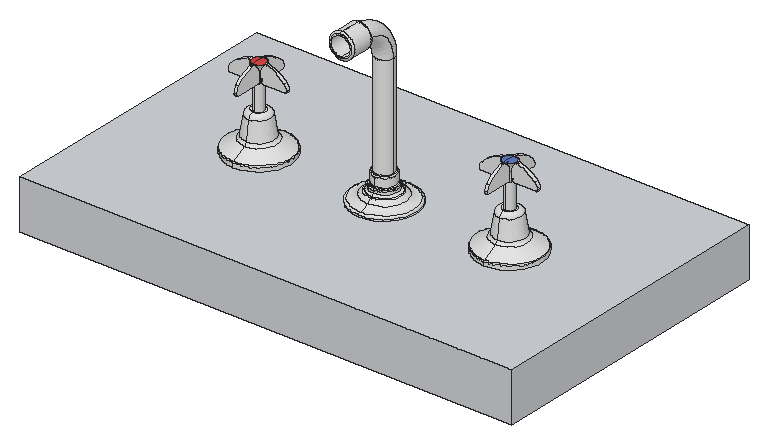
Revit family
Parameters (values of type "49944 (Jumper Valve)")
  WELSRating_ANZRS = "5 star"
  URL = "www.galvinengineering.com.au"
  Type Comments = "Vendal Resistant"
  StyleOrType_ANZRS = "Plumbing Fixture"
  Seating = "Jumper Valve (Option of 1/2 Turn Ceramic Disc)"
  PlumbingMaterial_ANZRS = Metal_Taps_DR-Brass-with-Chrome-Finish_10800
  Outlet = "Fixed Wall Spout 165mm with Aerator"
  ModifiedIssue_ANZRS = 20120629.01  # constant formula
  Model = "49944"
  Manufacturer = "Galvin Engineering"
  Keynote = "15400"
  Instructions = "http://www.galvinengineering.com.au/Installation_Guides_1.aspx"
  Inlet = "15mm BSP"
  FlowRate = 0.10 L/s
  FilterObject_ANZRS = "Vendal Resistant"
  DimWidth = 255 mm  # constant formula
  DimInletRadius = 7.5 mm  # constant formula
  DimHeight = 55 mm  # constant formula
  DimDepth = 165 mm  # constant formula
  Description = "Vandal Resistant DPW Wall Sink Set - Jumper Valve, Fixed Sout"
  Default Elevation = 900 mm
  CreatedBy_ANZRS = "Galvin Engineering"  # constant formula
  CreatedByURL_ANZRS = "www.galvinengineering.com.au"
  CreatedByPhoneNo_ANZRS = "61-8-92495900"  # constant formula
  Assembly Code = "D2010"
Reference planes
  plane 1 "Top": y = 0
  plane 2 "Face": z = 0
  plane 3 "Center (Left/Right)": x = 0
  plane 4 "Left": x = -127.5
  plane 5 "Right": x = 127.5
  plane 6 "Front": z = 165
  plane 7 "Bottom": y = -55
  plane 8: z = 82.559
Forms (mm)
  Extrusion 1, solid
    sketch origin (0, -719.2, 0) x (1, 0, 0) y (0, 1, 0)
      loop
        line (-250, 869.2) -> (-250, 569.2) -> (250, 569.2) -> (250, 869.2) -> (-250, 869.2)
    from 0 to -50
  Revolve 2, solid, material "Metal_Taps_DR-Brass-with-Chrome-Finish_10800" <- "PlumbingMaterial_ANZRS"
    sketch origin (-127.5, 0, 0) x (0, 1, 0) y (0, 0, 1)
      loop
        line (0, 82.559) -> (-7.407, 82.559)
        arc (-7.407, 82.559) -> (-3.989, 78.83) -> (-2.75, 73.925) r 10.333
        line (-2.75, 73.925) -> (-2.75, 64.159) -> (-4.827, 64.159) -> (-4.827, 39) -> (-7.33, 39)
        arc (-7.33, 39) -> (-10.552, 37.823) -> (-12.258, 34.846) r 5
        line (-12.258, 34.846) -> (-15.443, 16.298)
        arc (-15.443, 16.298) -> (-16.285, 14.262) -> (-17.92, 12.786) r 5
        line (-17.92, 12.786) -> (-31.99, 4.872)
        arc (-31.99, 4.872) -> (-32.363, 4.505) -> (-32.5, 4) r 1
        line (-32.5, 4) -> (-32.5, 0) -> (0, 0) -> (0, 82.559)
      axis (0, 0) -> (0, 82.559)
    angle from 0 to 360
  Extrusion 3, solid, material "Metal_Taps_DR-Brass-with-Chrome-Finish_10800" <- "PlumbingMaterial_ANZRS"
    sketch origin (-127.5, 0, 8.123) x (0, 1, 0) y (0, 0, 1)
      loop
        line (-27.98, 56.036) -> (28.02, 56.036)
        arc (28.02, 56.036) -> (29.11, 56.505) -> (29.518, 57.62) r 1.5
        arc (29.518, 57.62) -> (28.88, 61.161) -> (26.905, 64.169) r 9
        arc (26.905, 64.169) -> (19.204, 70.219) -> (10.263, 74.216) r 40
        arc (10.263, 74.216) -> (9.538, 74.381) -> (8.796, 74.436) r 5
        line (8.796, 74.436) -> (-8.62, 74.436)
        arc (-8.62, 74.436) -> (-9.363, 74.38) -> (-10.09, 74.215) r 5
        arc (-10.09, 74.215) -> (-19.14, 70.144) -> (-26.909, 63.971) r 40
        arc (-26.909, 63.971) -> (-28.831, 61.029) -> (-29.479, 57.576) r 9
        arc (-29.479, 57.576) -> (-29.054, 56.49) -> (-27.98, 56.036) r 1.5
    from -1.5 to 1.5
  Revolve 4, solid, material "Plastic_Taps_Red_10800"
    sketch origin (-127.5, 0, 8.123) x (0, 1, 0) y (0, 0, 1)
      loop
        line (0, 74.436) -> (0, 75.522)
        spline (0, 75.522) -> (-0.816, 75.513) -> (-1.618, 75.485) -> (-2.392, 75.44) -> (-3.125, 75.377) -> (-3.805, 75.298) -> (-4.419, 75.204) -> (-4.958, 75.097) -> (-5.413, 74.979) -> (-5.774, 74.852) -> (-6.037, 74.717) -> (-6.197, 74.578) -> (-6.25, 74.436)
        line (-6.25, 74.436) -> (0, 74.436)
      axis (0, 74.436) -> (0, 75.522)
    angle from 0 to 360
  Extrusion 5, solid, material "Metal_Taps_DR-Brass-with-Chrome-Finish_10800" <- "PlumbingMaterial_ANZRS"
    sketch origin (0, 0, 8.123) x (1, 0, 0) y (0, 0, 1)
      loop
        arc (-99.501, 56.036) -> (-98.426, 56.49) -> (-98.001, 57.576) r 1.5
        arc (-98.001, 57.576) -> (-98.65, 61.029) -> (-100.571, 63.971) r 9
        arc (-100.571, 63.971) -> (-108.341, 70.144) -> (-117.391, 74.215) r 40
        arc (-117.391, 74.215) -> (-118.117, 74.38) -> (-118.86, 74.436) r 5
        line (-118.86, 74.436) -> (-136.277, 74.436)
        arc (-136.277, 74.436) -> (-137.018, 74.381) -> (-137.743, 74.216) r 5
        arc (-137.743, 74.216) -> (-146.684, 70.219) -> (-154.385, 64.169) r 40
        arc (-154.385, 64.169) -> (-156.36, 61.161) -> (-156.999, 57.62) r 9
        arc (-156.999, 57.62) -> (-156.591, 56.505) -> (-155.501, 56.036) r 1.5
        line (-155.501, 56.036) -> (-99.501, 56.036)
    from -1.5 to 1.5
  Revolve 6, solid, material "Metal_Taps_DR-Brass-with-Chrome-Finish_10800" <- "PlumbingMaterial_ANZRS"
    sketch origin (0, 0, 0) x (0, 1, 0) y (0, 0, 1)
      loop
        line (0, 29) -> (-9.5, 29)
        arc (-9.5, 29) -> (-9.793, 28.293) -> (-10.5, 28) r 1
        arc (-10.5, 28) -> (-11.207, 27.707) -> (-11.5, 27) r 1
        line (-11.5, 27) -> (-11.5, 18.549)
        arc (-11.5, 18.549) -> (-11.6, 18.113) -> (-11.88, 17.764) r 1
        line (-11.88, 17.764) -> (-13.12, 16.785)
        arc (-13.12, 16.785) -> (-13.4, 16.436) -> (-13.5, 16) r 1
        line (-13.5, 16) -> (-13.5, 13)
        arc (-13.5, 13) -> (-14.086, 11.586) -> (-15.5, 11) r 2
        line (-15.5, 11) -> (-16.379, 11)
        arc (-16.379, 11) -> (-16.953, 10.886) -> (-17.439, 10.561) r 1.5
        line (-17.439, 10.561) -> (-21.106, 6.894)
        arc (-21.106, 6.894) -> (-25.351, 4.04) -> (-30.359, 2.999) r 13.3
        arc (-30.359, 2.999) -> (-31.656, 2.503) -> (-32.317, 1.282) r 2
        line (-32.317, 1.282) -> (-32.5, 0) -> (0, 0) -> (0, 29)
      axis (0, 0) -> (0, 29)
    angle from 0 to 360
  Sweep 7, solid, material "Metal_Taps_DR-Brass-with-Chrome-Finish_10800" <- "PlumbingMaterial_ANZRS"
    path origin (0, 0, 0) x (0, 1, 0) y (0, 0, 1)
      loop
        arc (-31.5, 165) -> (-9.226, 155.774) -> (0, 133.5) r 31.5
        line (0, 133.5) -> (0, 29)
    profile origin (0, 0, 81.25) x (1, 0, 0) y (0, 1, 0)
      loop
        circle (0, 0) r 9.5
  Revolve 8, solid, material "Metal_Taps_DR-Brass-with-Chrome-Finish_10800" <- "PlumbingMaterial_ANZRS"
    sketch origin (0, -143.371, -53.668) x (0, 0.173648, -0.984808) y (0, 0.984808, 0.173648)
      loop
        line (-208.508, 149.309) -> (-212.148, 128.665)
        arc (-212.148, 128.665) -> (-211.9, 127.544) -> (-210.931, 126.927) r 1.5
        line (-210.931, 126.927) -> (-209.454, 126.667) -> (-206.285, 144.64) -> (-204.315, 144.292) -> (-203.404, 149.463) -> (-207.306, 150.151)
        arc (-207.306, 150.151) -> (-208.081, 149.979) -> (-208.508, 149.309) r 1.038
      axis (-195.919, 148.143) -> (-200, 125)
    angle from 0 to 360
  Revolve 9, solid, material "Metal_Taps_DR-Brass-with-Chrome-Finish_10800" <- "PlumbingMaterial_ANZRS"
    sketch origin (127.5, 0, 0) x (0, 1, 0) y (0, 0, 1)
      loop
        line (0, 82.559) -> (-7.407, 82.559)
        arc (-7.407, 82.559) -> (-3.989, 78.83) -> (-2.75, 73.925) r 10.333
        line (-2.75, 73.925) -> (-2.75, 64.159) -> (-4.827, 64.159) -> (-4.827, 39) -> (-7.33, 39)
        arc (-7.33, 39) -> (-10.552, 37.823) -> (-12.258, 34.846) r 5
        line (-12.258, 34.846) -> (-15.443, 16.298)
        arc (-15.443, 16.298) -> (-16.285, 14.262) -> (-17.92, 12.786) r 5
        line (-17.92, 12.786) -> (-31.99, 4.872)
        arc (-31.99, 4.872) -> (-32.363, 4.505) -> (-32.5, 4) r 1
        line (-32.5, 4) -> (-32.5, 0) -> (0, 0) -> (0, 82.559)
      axis (0, 0) -> (0, 82.559)
    angle from 0 to 360
  Extrusion 10, solid, material "Metal_Taps_DR-Brass-with-Chrome-Finish_10800" <- "PlumbingMaterial_ANZRS"
    sketch origin (127.5, 0, 0) x (0, 1, 0) y (0, 0, -1)
      loop
        arc (-27.98, -64.159) -> (-29.054, -64.613) -> (-29.479, -65.699) r 1.5
        arc (-29.479, -65.699) -> (-28.831, -69.153) -> (-26.909, -72.094) r 9
        arc (-26.909, -72.094) -> (-19.14, -78.268) -> (-10.09, -82.338) r 40
        arc (-10.09, -82.338) -> (-9.363, -82.504) -> (-8.62, -82.559) r 5
        line (-8.62, -82.559) -> (8.796, -82.559)
        arc (8.796, -82.559) -> (9.538, -82.504) -> (10.263, -82.339) r 5
        arc (10.263, -82.339) -> (19.204, -78.342) -> (26.905, -72.292) r 40
        arc (26.905, -72.292) -> (28.88, -69.284) -> (29.518, -65.743) r 9
        arc (29.518, -65.743) -> (29.11, -64.629) -> (28.02, -64.159) r 1.5
        line (28.02, -64.159) -> (-27.98, -64.159)
    from -1.5 to 1.5
  Revolve 11, solid, material "Plastic_Taps_Blue_10800"
    sketch origin (127.5, 0, 0) x (0, 1, 0) y (0, 0, 1)
      loop
        line (0, 82.559) -> (0, 83.646)
        spline (0, 83.646) -> (-0.816, 83.636) -> (-1.618, 83.609) -> (-2.392, 83.563) -> (-3.125, 83.5) -> (-3.805, 83.421) -> (-4.419, 83.327) -> (-4.958, 83.221) -> (-5.413, 83.102) -> (-5.774, 82.975) -> (-6.037, 82.84) -> (-6.197, 82.701) -> (-6.25, 82.559)
        line (-6.25, 82.559) -> (0, 82.559)
      axis (0, 82.559) -> (0, 83.646)
    angle from 0 to 360
  Extrusion 12, solid, material "Metal_Taps_DR-Brass-with-Chrome-Finish_10800" <- "PlumbingMaterial_ANZRS"
    sketch origin (0, 0, 8.123) x (-1, 0, 0) y (0, 0, -1)
      loop
        line (-99.501, -56.036) -> (-155.501, -56.036)
        arc (-155.501, -56.036) -> (-156.591, -56.505) -> (-156.999, -57.62) r 1.5
        arc (-156.999, -57.62) -> (-156.36, -61.161) -> (-154.385, -64.169) r 9
        arc (-154.385, -64.169) -> (-146.684, -70.219) -> (-137.743, -74.216) r 40
        arc (-137.743, -74.216) -> (-137.018, -74.381) -> (-136.277, -74.436) r 5
        line (-136.277, -74.436) -> (-118.86, -74.436)
        arc (-118.86, -74.436) -> (-118.117, -74.38) -> (-117.391, -74.215) r 5
        arc (-117.391, -74.215) -> (-108.341, -70.144) -> (-100.571, -63.971) r 40
        arc (-100.571, -63.971) -> (-98.65, -61.029) -> (-98.001, -57.576) r 9
        arc (-98.001, -57.576) -> (-98.426, -56.49) -> (-99.501, -56.036) r 1.5
    from -1.5 to 1.5
Dimensions and locks
  "DimDepth": plane 2 "Face" to plane 6 "Front"
  "DimWidth": plane 4 "Left" to plane 5 "Right"
  "DimHeight": plane 1 "Top" to plane 7 "Bottom"
  locked: plane 2 "Face" to plane 8 at 82.559
  aligned and locked: plane 2 "Face" to Extrusion 1
  aligned and locked: level to Extrusion 1
Automatic sketch dimensions
  Extrusion 1 sketch curve to Extrusion 1 sketch curve = 500 mm
  Extrusion 1 sketch curve to Extrusion 1 sketch curve = 300 mm
  Revolve 2 sketch curve to level = 0 mm
  Revolve 2 sketch curve to plane 1 "Top" = 0 mm  (x2)
  plane 1 "Top" to Revolve 2 sketch curve = 2.75 mm
  Revolve 2 sketch curve to Revolve 2 sketch curve = 2.077 mm
  Revolve 2 sketch curve to Revolve 2 sketch curve = 2.502 mm
  plane 1 "Top" to Revolve 2 sketch curve = 7.407 mm
  Revolve 2 sketch curve to Revolve 2 sketch curve = 4.928 mm
  Revolve 2 sketch curve to Revolve 2 sketch curve = 10.333 mm
  plane 1 "Top" to Revolve 2 sketch curve = 15.443 mm
  Revolve 2 sketch curve to Revolve 2 sketch curve = 2.477 mm
  Revolve 2 sketch curve to Revolve 2 sketch curve = 2.451 mm
  level to Revolve 2 sketch curve = 4 mm
  Revolve 2 sketch curve to Revolve 2 sketch curve = 13.58 mm
  Revolve 2 sketch curve to Revolve 2 sketch curve = 0.49 mm
  Revolve 2 sketch curve to Revolve 2 sketch curve = 1 mm
  level to Revolve 2 sketch curve = 12.786 mm
  Revolve 2 sketch curve to Revolve 2 sketch curve = 3.512 mm
  Revolve 2 sketch curve to Revolve 2 sketch curve = 10.74 mm
  Revolve 2 sketch curve to Revolve 2 sketch curve = 6.962 mm
  Revolve 2 sketch curve to Revolve 2 sketch curve = 0.846 mm
  Revolve 2 sketch curve to Revolve 2 sketch curve = 25.159 mm
  Revolve 2 sketch curve to Revolve 2 sketch curve = 9.766 mm
  Revolve 2 sketch curve to Revolve 2 sketch curve = 12.144 mm
  plane 1 "Top" to Extrusion 3 sketch curve = 29.479 mm
  Extrusion 3 sketch curve to Extrusion 3 sketch curve = 1.499 mm
  Extrusion 3 sketch curve to Extrusion 3 sketch curve = 1.07 mm
  Extrusion 3 sketch curve to Extrusion 3 sketch curve = 0 mm  (x4)
  Extrusion 3 sketch curve to Extrusion 3 sketch curve = 7.5 mm  (x2)
  plane 1 "Top" to Extrusion 3 sketch curve = 10.09 mm
  Extrusion 3 sketch curve to Extrusion 3 sketch curve = 1.47 mm
  plane 1 "Top" to Extrusion 3 sketch curve = 1.47 mm
  Extrusion 3 sketch curve to plane 1 "Top" = 1.667 mm
  Extrusion 3 sketch curve to plane 1 "Top" = 8.796 mm
  Extrusion 3 sketch curve to Extrusion 3 sketch curve = 1.467 mm
  Extrusion 3 sketch curve to Extrusion 3 sketch curve = 11.724 mm
  Extrusion 3 sketch curve to Extrusion 3 sketch curve = 6.384 mm
  Extrusion 3 sketch curve to Extrusion 3 sketch curve = 1.498 mm
  level to Extrusion 3 sketch curve = 44.099 mm
  Extrusion 3 sketch curve to Extrusion 3 sketch curve = 0.006 mm
  Extrusion 3 sketch curve to Extrusion 3 sketch curve = 20.054 mm
  Extrusion 3 sketch curve to Extrusion 3 sketch curve = 1.5 mm
  Revolve 4 sketch curve to plane 1 "Top" = 0 mm  (x2)
  plane 1 "Top" to Revolve 4 sketch curve = 6.25 mm
  Revolve 4 sketch curve to Revolve 4 sketch curve = 5.89 mm
  Revolve 4 sketch curve to Revolve 4 sketch curve = 1.086 mm
  Revolve 4 sketch curve to Revolve 4 sketch curve = 6.727 mm
  Extrusion 5 sketch curve to plane 4 "Left" = 29.499 mm
  Extrusion 5 sketch curve to Extrusion 5 sketch curve = 1.498 mm
  Extrusion 5 sketch curve to Extrusion 5 sketch curve = 1.116 mm
  Extrusion 5 sketch curve to Extrusion 5 sketch curve = 0 mm  (x4)
  Extrusion 5 sketch curve to Extrusion 5 sketch curve = 7.5 mm  (x2)
  Extrusion 5 sketch curve to plane 4 "Left" = 10.243 mm
  Extrusion 5 sketch curve to Extrusion 5 sketch curve = 1.467 mm
  Extrusion 5 sketch curve to plane 4 "Left" = 1.647 mm
  plane 4 "Left" to Extrusion 5 sketch curve = 1.49 mm
  plane 4 "Left" to Extrusion 5 sketch curve = 8.64 mm
  Extrusion 5 sketch curve to Extrusion 5 sketch curve = 1.47 mm
  Extrusion 5 sketch curve to Extrusion 5 sketch curve = 11.859 mm
  Extrusion 5 sketch curve to Extrusion 5 sketch curve = 6.43 mm
  Extrusion 5 sketch curve to Extrusion 5 sketch curve = 1.499 mm
  level to Extrusion 5 sketch curve = 44.099 mm
  Extrusion 5 sketch curve to Extrusion 5 sketch curve = 0.006 mm
  Extrusion 5 sketch curve to Extrusion 5 sketch curve = 20.054 mm
  Extrusion 5 sketch curve to Extrusion 5 sketch curve = 1.5 mm
  Revolve 6 sketch curve to level = 0 mm
  Revolve 6 sketch curve to plane 1 "Top" = 0 mm  (x2)
  plane 1 "Top" to Revolve 6 sketch curve = 9.5 mm
  Revolve 6 sketch curve to Revolve 6 sketch curve = 1 mm  (x3)
  Revolve 6 sketch curve to Revolve 6 sketch curve = 0.38 mm  (x2)
  Revolve 6 sketch curve to Revolve 6 sketch curve = 0.62 mm  (x2)
  Revolve 6 sketch curve to Revolve 6 sketch curve = 2 mm
  Revolve 6 sketch curve to Revolve 6 sketch curve = 0.879 mm
  Revolve 6 sketch curve to Revolve 6 sketch curve = 1.061 mm  (x2)
  Revolve 6 sketch curve to Revolve 6 sketch curve = 3.667 mm
  level to Revolve 6 sketch curve = 0.999 mm
  Revolve 6 sketch curve to Revolve 6 sketch curve = 9.23 mm
  Revolve 6 sketch curve to Revolve 6 sketch curve = 0.023 mm
  Revolve 6 sketch curve to Revolve 6 sketch curve = 0 mm  (x2)
  Revolve 6 sketch curve to Revolve 6 sketch curve = 0.151 mm
  level to Revolve 6 sketch curve = 1.282 mm
  Revolve 6 sketch curve to Revolve 6 sketch curve = 1.98 mm
  Revolve 6 sketch curve to Revolve 6 sketch curve = 0.183 mm
  Revolve 6 sketch curve to Revolve 6 sketch curve = 2.606 mm
  Revolve 6 sketch curve to Revolve 6 sketch curve = 1.703 mm
  Revolve 6 sketch curve to Revolve 6 sketch curve = 3 mm
  Revolve 6 sketch curve to Revolve 6 sketch curve = 0.98 mm
  Revolve 6 sketch curve to Revolve 6 sketch curve = 8.451 mm
  Revolve 6 sketch curve to Revolve 6 sketch curve = 34.148 mm
  Sweep 7 sketch curve to plane 1 "Top" = 0 mm
  plane 1 "Top" to Sweep 7 sketch curve = 31.5 mm
  level to Sweep 7 sketch curve = 29 mm
  Sweep 7 sketch curve to plane 3 "Center (Left/Right)" = 0 mm
  profile plane to Sweep 7 sketch curve = 0 mm
  plane 1 "Top" to Revolve 8 sketch curve = 53.5 mm
  Revolve 8 sketch curve to Revolve 8 sketch curve = 1.217 mm
  Revolve 8 sketch curve to Revolve 8 sketch curve = 0.26 mm  (x3)
  Revolve 8 sketch curve to Revolve 8 sketch curve = 1.477 mm
  Revolve 8 sketch curve to Revolve 8 sketch curve = 3.64 mm
  Revolve 8 sketch curve to Revolve 8 sketch curve = 1.022 mm  (x2)
  Revolve 8 sketch curve to Revolve 8 sketch curve = 0.18 mm
  Revolve 8 sketch curve to Revolve 8 sketch curve = 1.201 mm
  Revolve 8 sketch curve to Revolve 8 sketch curve = 1.97 mm
  Revolve 8 sketch curve to Revolve 8 sketch curve = 3.902 mm
  Revolve 8 sketch curve to Revolve 8 sketch curve = 8.825 mm
  Revolve 8 sketch curve to Revolve 8 sketch curve = 6.291 mm
  Revolve 8 sketch curve to Revolve 8 sketch curve = 5.237 mm
  Revolve 8 sketch curve to Revolve 8 sketch curve = 8.09 mm
  Revolve 9 sketch curve to level = 0 mm
  Revolve 9 sketch curve to plane 1 "Top" = 0 mm  (x2)
  Revolve 9 sketch curve to plane 1 "Top" = 2.75 mm
  Revolve 9 sketch curve to Revolve 9 sketch curve = 2.077 mm
  Revolve 9 sketch curve to Revolve 9 sketch curve = 2.502 mm
  Revolve 9 sketch curve to plane 1 "Top" = 7.407 mm
  Revolve 9 sketch curve to Revolve 9 sketch curve = 4.928 mm
  Revolve 9 sketch curve to Revolve 9 sketch curve = 10.333 mm
  Revolve 9 sketch curve to plane 1 "Top" = 15.443 mm
  Revolve 9 sketch curve to Revolve 9 sketch curve = 2.477 mm
  Revolve 9 sketch curve to Revolve 9 sketch curve = 2.451 mm
  Revolve 9 sketch curve to level = 4 mm
  Revolve 9 sketch curve to Revolve 9 sketch curve = 13.58 mm
  Revolve 9 sketch curve to Revolve 9 sketch curve = 0.49 mm
  Revolve 9 sketch curve to Revolve 9 sketch curve = 1 mm
  Revolve 9 sketch curve to level = 12.786 mm
  Revolve 9 sketch curve to Revolve 9 sketch curve = 3.512 mm
  Revolve 9 sketch curve to Revolve 9 sketch curve = 10.74 mm
  Revolve 9 sketch curve to Revolve 9 sketch curve = 6.962 mm
  Revolve 9 sketch curve to Revolve 9 sketch curve = 0.846 mm
  Revolve 9 sketch curve to Revolve 9 sketch curve = 25.159 mm
  Revolve 9 sketch curve to Revolve 9 sketch curve = 9.766 mm
  Revolve 9 sketch curve to Revolve 9 sketch curve = 12.144 mm
  Revolve 11 sketch curve to plane 1 "Top" = 0 mm  (x2)
  Revolve 11 sketch curve to plane 1 "Top" = 6.25 mm
  Revolve 11 sketch curve to Revolve 11 sketch curve = 5.89 mm
  Revolve 11 sketch curve to Revolve 11 sketch curve = 1.086 mm
  Revolve 11 sketch curve to Revolve 11 sketch curve = 6.727 mm
  plane 5 "Right" to Extrusion 12 sketch curve = 29.499 mm
  Extrusion 12 sketch curve to Extrusion 12 sketch curve = 1.498 mm
  Extrusion 12 sketch curve to Extrusion 12 sketch curve = 1.116 mm
  Extrusion 12 sketch curve to Extrusion 12 sketch curve = 0 mm  (x4)
  Extrusion 12 sketch curve to Extrusion 12 sketch curve = 7.5 mm  (x2)
  plane 5 "Right" to Extrusion 12 sketch curve = 10.243 mm
  Extrusion 12 sketch curve to Extrusion 12 sketch curve = 1.467 mm
  plane 5 "Right" to Extrusion 12 sketch curve = 1.647 mm
  Extrusion 12 sketch curve to plane 5 "Right" = 1.49 mm
  Extrusion 12 sketch curve to plane 5 "Right" = 8.64 mm
  Extrusion 12 sketch curve to Extrusion 12 sketch curve = 1.47 mm
  Extrusion 12 sketch curve to Extrusion 12 sketch curve = 11.859 mm
  Extrusion 12 sketch curve to Extrusion 12 sketch curve = 6.43 mm
  Extrusion 12 sketch curve to Extrusion 12 sketch curve = 1.499 mm
  Extrusion 12 sketch curve to level = 44.099 mm
  Extrusion 12 sketch curve to Extrusion 12 sketch curve = 0.006 mm
  Extrusion 12 sketch curve to Extrusion 12 sketch curve = 20.054 mm
  Extrusion 12 sketch curve to Extrusion 12 sketch curve = 1.5 mm
  Extrusion 10 sketch curve to plane 1 "Top" = 29.479 mm
  Extrusion 10 sketch curve to Extrusion 10 sketch curve = 1.499 mm
  Extrusion 10 sketch curve to Extrusion 10 sketch curve = 1.07 mm
  Extrusion 10 sketch curve to Extrusion 10 sketch curve = 0 mm  (x4)
  Extrusion 10 sketch curve to Extrusion 10 sketch curve = 7.5 mm  (x2)
  Extrusion 10 sketch curve to plane 1 "Top" = 10.09 mm
  Extrusion 10 sketch curve to Extrusion 10 sketch curve = 1.47 mm
  Extrusion 10 sketch curve to plane 1 "Top" = 1.47 mm
  plane 1 "Top" to Extrusion 10 sketch curve = 1.667 mm
  plane 1 "Top" to Extrusion 10 sketch curve = 8.796 mm
  Extrusion 10 sketch curve to Extrusion 10 sketch curve = 1.467 mm
  Extrusion 10 sketch curve to Extrusion 10 sketch curve = 11.724 mm
  Extrusion 10 sketch curve to Extrusion 10 sketch curve = 6.384 mm
  Extrusion 10 sketch curve to Extrusion 10 sketch curve = 1.498 mm
  Extrusion 10 sketch curve to level = 44.099 mm
  Extrusion 10 sketch curve to Extrusion 10 sketch curve = 0.006 mm
  Extrusion 10 sketch curve to Extrusion 10 sketch curve = 20.054 mm
  Extrusion 10 sketch curve to Extrusion 10 sketch curve = 1.5 mm
  level to Revolve 4 sketch curve = 76.669 mm
  plane 6 "Front" to Sweep 7 sketch curve = 0 mm
  plane 6 "Front" to Revolve 8 sketch curve = 0 mm
  Revolve 11 sketch curve to level = 76.669 mm
  radius of Sweep 7 sketch curve = 9.5 mm
Connectors
  piping at (0, 0, 0), driven by "FlowRate", driven by "DimInletRadius"
    settings: on Revolve 6, index 1, connector radius 0.29528", flow factor 0, pipe flow 0.10 L/s, pressure drop 0.00 psi, fitting loss kfactor 0, connector angle 0.00°, fixture units 0, flow configuration 1, flow direction 1, fitting loss method 4, system type 20, connector reference index -1, connector utility 0, adjustable connector no, is connector primary yes, fitting loss table "", connector description "Inlet"
